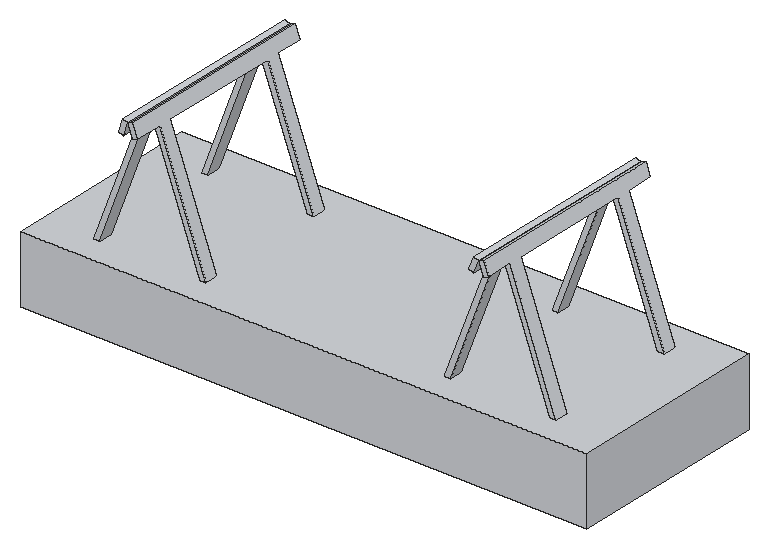
Revit family "Mesa com Cavalete Madeira", category Mobiliário, Revit 2019
Family settings
  Número OmniClass = 23.40.20.00
  Título OmniClass = General Furniture and Specialties
  Com base no plano de trabalho = Não
  Sempre na vertical = Sim
  Corte com vazios quando carregada = Não
  Compartilhado = Não
  Ponto de cálculo do ambiente = Não
Parameters (values of type "210 x 80 x 80")
  Profundidade [instance] = 80 cm
  Off Set Cavalete = 40 cm
  Largura [instance] = 210 cm
Reference planes (cm)
  plane 1 "Centro (Frente/Trás)": y = 0
  plane 2: z = 0
  plane 3 "Centro (Esquerda/Direita)": x = 0
Forms (cm)
  Extrusion 1, solid
    sketch origin (0, 5, 0) x (1, 0, 0) y (0, 1, 0)
      loop
        line (0, 0) -> (210, 0) -> (210, 75) -> (0, 75) -> (0, 0)
    from 0 to 25
Dimensions and locks (cm)
  "Profundidade": plane 1 "Centro (Frente/Trás)" to Extrusion 1
  "Largura": plane 3 "Centro (Esquerda/Direita)" to Extrusion 1
  "Off Set Cavalete": Extrusion 1 to nested 1
  "Off Set Cavalete": nested 2 to Extrusion 1
  aligned and locked: level to plane 2
  aligned and locked: Extrusion 1 to nested 1
  aligned and locked: nested 2 to Extrusion 1
Automatic sketch dimensions
  Extrusion 1 sketch curve to plane 3 "Centro (Esquerda/Direita)" = 0 cm
  Extrusion 1 sketch curve to plane 1 "Centro (Frente/Trás)" = 5 cm
  plane 3 "Centro (Esquerda/Direita)" to Extrusion 1 sketch curve = 210 cm
  Extrusion 1 sketch curve to plane 1 "Centro (Frente/Trás)" = 80 cm
Nested families (cm)
  nested 1: "Cavalete Madeira Eucalipto" at (40, 5, 0) x (0, 1, 0) z (0, 0, 1), type "Cavalete Madeira Eucalipto"
  nested 2: "Cavalete Madeira Eucalipto" at (170, 5, 0) x (0, 1, 0) z (0, 0, 1), type "Cavalete Madeira Eucalipto"
Definition of nested family "Cavalete Madeira Eucalipto"
  Parameters
    Cavalete = none
  Reference planes (cm)
    plane 1 "Centro (Frente/Trás)": y = 0
    plane 2: z = 0
    plane 3 "Centro (Esquerda/Direita)": x = 0
  Forms (cm)
    Extrusion 1, solid, material <- "Cavalete"
      sketch origin (0, -27.7904, 0) x (1, 0, 0) y (0, 0.34738, 0.937724)
        loop
          line (10, 0) -> (15, 0) -> (15, 15) -> (60, 15) -> (60, 0) -> (65, 0) -> (65, 75) -> (75, 75) -> (75, 80) -> (0, 80) -> (0, 75) -> (10, 75) -> (10, 0)
        loop
          line (15, 20) -> (60, 20) -> (60, 75) -> (15, 75) -> (15, 20)
      from 0 to 2
    Extrusion 2, solid, material <- "Cavalete"
      sketch origin (0, 27.7904, 0) x (1, 0, 0) y (0, 0.34738, -0.937724)
        loop
          line (10, 0) -> (10, -75) -> (0, -75) -> (0, -80) -> (75, -80) -> (75, -75) -> (65, -75) -> (65, 0) -> (60, 0) -> (60, -15) -> (15, -15) -> (15, 0) -> (10, 0)
        loop
          line (15, -20) -> (15, -75) -> (60, -75) -> (60, -20) -> (15, -20)
      from 0 to 2
  Dimensions and locks (cm)
    aligned and locked: level to plane 2
